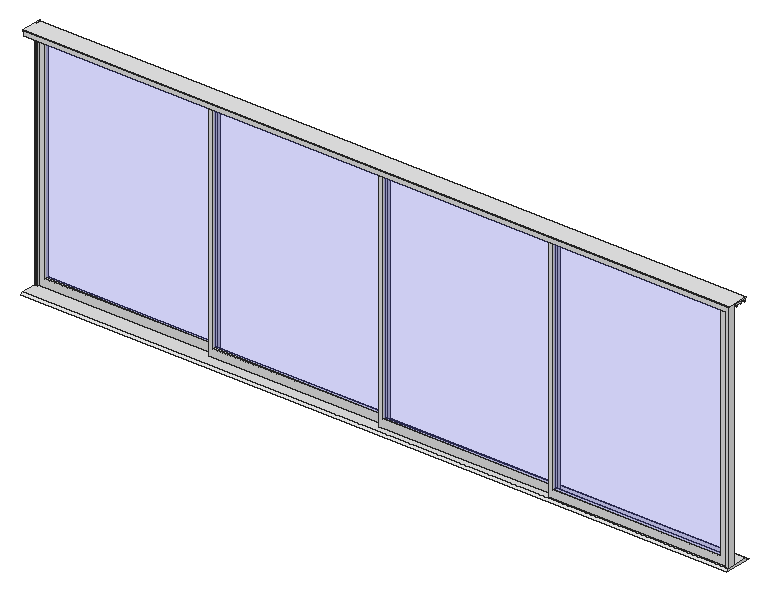
Revit family "Door-Sliding-Kawneer-1010_Mall_Front-XXXX", category Doors, host Wall, Revit 2015
Parameters
  Wall Thickness [instance] = 1' - 5"
  URL = "http://www.kawneer.com/kawneer/en/home.asp"
  Type Comments = "1\" Glazing"
  Threshold Material = Aluminum - Kawneer - Clear
  Threshold Height = 0' - 0 19/32"  # constant formula
  Thickness = 0' - 1 1/2"  # constant formula
  Shim Space = 0' - 0 1/4"
  Product data url = "https://bimobject.com/kawneerna/product/20681"
  Product Page URL = "http://www.kawneer.com/kawneer/north_america/en/bim.asp?prod_id=1846"
  Product Documentation Link = "http://www.kawneer.com/kawneer/north_america/en/product_related_doc.asp?prod_id=1846&doc_id=114"
  Percent Open [instance] = 0
  Panel Width = if(1 = 1, (Width - 0' 2") / 4 + (0' 1 3/4" * 0.75), 1' 0")  # 6' - 0 13/16"
  Panel Open Percent [instance] = if(Percent Open < 101, ((Panel Width - (0' 1 3/4")) * ((100 - Percent Open) / 100)), 0' 0")  # 5' - 11 1/16"
  Panel Glazing Material [instance] = Glass - Kawneer - Clear
  Panel Finish [instance] = Aluminum - Kawneer - Clear
  Panel Closing Width = if(1 = 1, (Width - 0' 2") / 4 + (0' 1 3/4" * 0.75) + 0' 0 7/16", 1' 0")  # 6' - 1 1/4"
  Opens Right [instance] = no
  Model = "1010 Sliding Mall Front"
  Manufacturer = "Kawneer"  # constant formula
  Intermediate Rail Height = 2' - 6"
  Height = 8' - 0"
  Has Intermediate Rail [instance] = no
  Glazing Thickness = 0' - 1"
  Function = (empty or 0)
  Frame Jamb Width = 0' - 1"  # constant formula
  Frame Inset [instance] = 0' - 0"
  Frame Head Width = 0' - 1 3/8"  # constant formula
  Frame Finish [instance] = Aluminum - Kawneer - Clear
  Wall Closure = (empty or 0)
  Width = 24' - 0"
  Frame Depth = 0' - 8 5/8"  # constant formula
  Existing [instance] = no
  Description = "Sliding XXXX"
  Copyright © = "2013 Kawneer"  # constant formula
  CTRL Wall Thickness [instance] = if(1 = 1, Wall Thickness, 1' 0")  # 1' - 5"
  CTRL Panels Offset Right [instance] = if(Opens Right, 0' 0", Width - Panel Width - (Panel Open Percent * 3) - 0' 1 3/4" - 0' 0 1/4")  # 0' - 0"
  CTRL Panel Height = Height - 0' 0 3/4" - Threshold Height  # 7' - 10 21/32"
  CTRL Offset [instance] = if(Frame Inset < 0' 0", Frame Inset - Frame Inset - Frame Inset, 0' 0")  # 0' - 0"
  CTRL Inset [instance] = if(Frame Inset < 0' 0", 0' 0", Frame Inset)  # 0' - 0"
  CTRL Frame Sides Depth [instance] = 0' - 2 7/16"  # constant formula
  Assembly Code = "C1020110"
  Appear In Schedule = 0 = 0  # yes
Types (3): name | Type Comments | Glazing Thickness
  (no name) | "1\" Glazing" | 0' - 1"
  24'x8' - 1/4" Glazing | "1/4\" Glazing" | 0' - 0 1/4"
  24'x8' - 1" Glazing | "1\" Glazing" | 0' - 1"
Reference planes (in)
  plane 1 "Center (Front/Back)": y = 0
  plane 2 "Bottom": z = 0
  plane 3 "Center (Left/Right)": x = 0
  plane 4 "Top": z = 96
  plane 5 "Strike": x = -144
  plane 6 "Hinge": x = 144
  plane 7 "Wall Edge Exterior": y = 8.5
  plane 8 "Wall Edge Interior": y = -8.5
  plane 9 "Frame Inset": y = -4.3125
  plane 10 "Frame Offset": y = 0
  plane 11 "Operating Panel": x = -70.1875
  plane 12 "Interlock Panel 1 L/R": x = 0.875
  plane 13 "Interlock Panel 2 L/R": x = 71.9375
  plane 14 "Fixed Panel Right": x = 143.4375
  plane 15 "Fixed Panel Center": y = -3.09375
  plane 16 "Opening Right": x = 144.25
  plane 17 "Opening Left": x = -144.25
  plane 18 "Frame Right": x = 143
  plane 19 "Frame Left": x = -143
  plane 20 "Frame Head": z = 94.625
  plane 21 "Frame Exterior": y = 4.3125
  plane 22 "Exterior Frame Depth": y = 1.875
  plane 23 "Interior Frame Depth": y = -1.875
  plane 24 "Panel Active 2": y = -1.03125
  plane 25 "Panel Active 3": y = 1.03125
  plane 26 "Lock Jamb Panel Center": y = 3.09375
  plane 27 "Threshold Height": z = 0.59375
  plane 28 "Threshold Exterior": y = 5.5625
  plane 29 "Threshold Interior": y = -5.5625
  plane 30 "Frame Center F/B": y = 0
  plane 31 "Panel Right Offset": x = 143
  plane 32 "Right Panel R": x = 143.4375
  plane 33 "Opening Top": z = 96.25
Forms (in)
  Sweep 1, solid, material "Aluminum - Kawneer - Clear" <- "Frame Finish"
    path origin (0, 0, 0) x (1, 0, 0) y (0, 0, 1)
      loop
        line (0, 0.59375) -> (0, 96)
    profile origin (0, 0, 48.29687) x (-1, 0, 0) y (0, -1, 0)
      loop
        line (143, -4.3125) -> (144, -4.3125) -> (144, -1.875) -> (143, -1.875) -> (143, -2.25) -> (143.4375, -2.25) -> (143.4375, -3.9375) -> (143, -3.9375) -> (143, -4.3125)
      loop
        line (-143, 1.875) -> (-143, 2.25) -> (-143.4375, 2.25) -> (-143.4375, 3.9375) -> (-143, 3.9375) -> (-143, 4.3125) -> (-144, 4.3125) -> (-144, 1.875) -> (-143, 1.875)
  Sweep 2, solid, material "Aluminum - Kawneer - Clear" <- "Threshold Material"
    path origin (0, 0, 0) x (1, 0, 0) y (0, 0, 1)
      loop
        line (-144.25, 0.59375) -> (144.25, 0.59375)
    profile origin (0, 0, 0.59375) x (0, 0, 1) y (0, -1, 0)
      loop
        line (-0.59375, 5.5625) -> (-0.59375, -5.5625) -> (0, -4.3125) -> (0, 4.3125) -> (-0.59375, 5.5625)
  Sweep 3, solid, material "Aluminum - Kawneer - Clear" <- "Frame Finish"
    path origin (0, 0, 0) x (1, 0, 0) y (0, 0, 1)
      loop
        line (-144, 94.625) -> (144, 94.625)
    profile origin (0, 0, 94.625) x (0, 0, 1) y (0, -1, 0)
      loop
        line (-0.34375, 4.3125) -> (-0.34375, 3.9375) -> (0.625, 3.9375) -> (0.625, 2.25) -> (0, 2.25) -> (0, 1.875) -> (0.625, 1.875) -> (0.625, 0.1862) -> (0, 0.1862) -> (0, -0.1888) -> (0.625, -0.1888) -> (0.625, -1.875) -> (0, -1.875) -> (0, -2.25) -> (0.625, -2.25) -> (0.625, -3.9375) -> (0, -3.9375) -> (0, -4.3125) -> (1.375, -4.3125) -> (1.375, 4.3125) -> (-0.34375, 4.3125)
  Sweep 4, solid, material "Silicone - Kawneer - Gray"
    path origin (0, 0, 0) x (-1, 0, 0) y (0, 0, 1)
      loop
        line (144.25, 96) -> (-144.25, 96)
    profile "Shim-Kawneer-Profile-2D : Top" origin (0, 0, 96) x (0, 0, -1) y (0, 1, 0)
      loop
        line (-0.25, -4.25) -> (0, -4.125) -> (0, 4.125) -> (-0.25, 4.25) -> (-0.25, -4.25)
  Sweep 5, solid, material "Silicone - Kawneer - Gray"
    path origin (0, -3.09375, 0) x (-1, 0, 0) y (0, 0, 1)
      loop
        line (-144, 0) -> (-144, 96.25)
    profile "Shim-Kawneer-Profile-2D : Sides" origin (144, -3.09375, 48.125) x (1, 0, 0) y (0, 1, 0)
      loop
        line (0.25, 1.34375) -> (0, 1.21875) -> (0, -1.21875) -> (0.25, -1.34375) -> (0.25, 1.34375)
  Sweep 6, solid, material "Silicone - Kawneer - Gray"
    path origin (0, 3.09375, 0) x (-1, 0, 0) y (0, 0, 1)
      loop
        line (144, 0) -> (144, 96.25)
    profile "Shim-Kawneer-Profile-2D : Sides" origin (-144, 3.09375, 48.125) x (1, 0, 0) y (0, 1, 0)
      loop
        line (-0.25, 1.34375) -> (-0.25, -1.34375) -> (0, -1.21875) -> (0, 1.21875) -> (-0.25, 1.34375)
Cuts and joins
  joined: Sweep 1, Sweep 3
  joined: Sweep 4, Sweep 5, Sweep 6
Lines and regions (in)
  Opening 1
    outline origin (-60, -8.5, 0) x (1, 0, 0) y (0, 0, 1)
      loop
        line (-84.25, 96.25) -> (-84.25, 0) -> (204.25, 0) -> (204.25, 96.25) -> (-84.25, 96.25)
  Masking region 1, detail levels medium+fine
    outline origin (0, 0, 0.59375) x (-1, 0, 0) y (0, -1, 0)
      loop
        line (-143, 1.875) -> (-143, 2.25) -> (-143.4375, 2.25) -> (-143.4375, 3.9375) -> (-143, 3.9375) -> (-143, 4.3125) -> (-144, 4.3125) -> (-144, 1.875) -> (-143, 1.875)
      loop
        line (143, -4.3125) -> (144, -4.3125) -> (144, -1.875) -> (143, -1.875) -> (143, -2.25) -> (143.4375, -2.25) -> (143.4375, -3.9375) -> (143, -3.9375) -> (143, -4.3125)
  Masking region 2, detail levels coarse
    outline origin (-0.8125, -0.08398, 0.59375) x (-1, 0, 0) y (0, -1, 0)
      loop
        line (-143.8125, 1.79102) -> (-143.8125, 4.22852) -> (-144.8125, 4.22852) -> (-144.8125, 1.79102) -> (-143.8125, 1.79102)
      loop
        line (142.1875, -4.39648) -> (143.1875, -4.39648) -> (143.1875, -1.95898) -> (142.1875, -1.95898) -> (142.1875, -4.39648)
  Masking region 3
    outline origin (-1.5625, -0.42265, 0.59375) x (-1, 0, 0) y (0, -1, 0)
      loop
        line (-145.5625, 1.45235) -> (-145.5625, 3.88985) -> (-145.8125, 3.88985) -> (-145.8125, 1.45235) -> (-145.5625, 1.45235)
      loop
        line (142.4375, -4.73515) -> (142.6875, -4.73515) -> (142.6875, -2.29765) -> (142.4375, -2.29765) -> (142.4375, -4.73515)
Text (in)
  text "EXTERIOR" at (-58.6888, 50.90694, 0), in view "Ref. Level"
  text "INTERIOR" at (-58.6888, -37.76638, 0), in view "Ref. Level"
  text "Exterior" at (0, 43.65631, 123.19604), in view "Left"
  text "Exterior" at (0, 18.29385, 125.04747), in view "Right"
Dimensions and locks (in)
  "Width": plane 5 "Strike" to plane 6 "Hinge"
  locked: plane 7 "Wall Edge Exterior" to host wall at 0
  "Wall Thickness": host wall to host wall
  "CTRL Wall Thickness": plane 7 "Wall Edge Exterior" to plane 8 "Wall Edge Interior"
  equal spacing: host wall, plane 1 "Center (Front/Back)", host wall
  equal spacing: plane 5 "Strike", plane 3 "Center (Left/Right)", plane 6 "Hinge"
  "Height": plane 4 "Top" to plane 2 "Bottom"
  "CTRL Offset": plane 10 "Frame Offset" to plane 1 "Center (Front/Back)"
  "Shim Space": plane 6 "Hinge" to plane 16 "Opening Right"
  "Shim Space": plane 17 "Opening Left" to plane 5 "Strike"
  "Frame Jamb Width": plane 5 "Strike" to plane 19 "Frame Left"
  "Frame Jamb Width": plane 18 "Frame Right" to plane 6 "Hinge"
  "Frame Head Width": plane 4 "Top" to plane 20 "Frame Head"
  "Frame Depth": plane 21 "Frame Exterior" to plane 9 "Frame Inset"
  "CTRL Frame Sides Depth": plane 21 "Frame Exterior" to plane 22 "Exterior Frame Depth"
  "CTRL Frame Sides Depth": plane 23 "Interior Frame Depth" to plane 9 "Frame Inset"
  locked: plane 21 "Frame Exterior" to Sweep 1 sketch curve at 0.375
  locked: Sweep 1 sketch curve to plane 22 "Exterior Frame Depth" at 0.375
  locked: Sweep 1 sketch curve to plane 19 "Frame Left" at 0.4375
  locked: plane 23 "Interior Frame Depth" to Sweep 1 sketch curve at 0.375
  locked: plane 9 "Frame Inset" to Sweep 1 sketch curve at 0.375
  equal spacing: plane 23 "Interior Frame Depth", plane 15 "Fixed Panel Center", plane 9 "Frame Inset"
  locked: plane 24 "Panel Active 2" to plane 15 "Fixed Panel Center" at 2.0625
  locked: plane 25 "Panel Active 3" to plane 24 "Panel Active 2" at 2.0625
  equal spacing: plane 21 "Frame Exterior", plane 26 "Lock Jamb Panel Center", plane 22 "Exterior Frame Depth"
  "Threshold Height": plane 27 "Threshold Height" to plane 2 "Bottom"
  locked: plane 9 "Frame Inset" to plane 29 "Threshold Interior" at 1.25
  locked: plane 28 "Threshold Exterior" to plane 21 "Frame Exterior" at 1.25
  locked: Sweep 3 sketch curve to plane 4 "Top" at 1.71875
  locked: Sweep 3 sketch curve to plane 20 "Frame Head" at 0.625
  locked: plane 14 "Fixed Panel Right" to plane 6 "Hinge" at 0.5625
  "CTRL Inset": plane 10 "Frame Offset" to plane 30 "Frame Center F/B"
  "Panel Open Percent": plane 13 "Interlock Panel 2 L/R" to plane 31 "Panel Right Offset"
  "Panel Open Percent": plane 12 "Interlock Panel 1 L/R" to plane 13 "Interlock Panel 2 L/R"
  "Panel Open Percent": plane 11 "Operating Panel" to plane 12 "Interlock Panel 1 L/R"
  equal spacing: plane 21 "Frame Exterior", plane 30 "Frame Center F/B", plane 9 "Frame Inset"
  "CTRL Panels Offset Right": plane 31 "Panel Right Offset" to plane 18 "Frame Right"
  nested 4 to plane 19 "Frame Left" = 0' - 0 7/16"
  locked: plane 31 "Panel Right Offset" to plane 32 "Right Panel R" at 0.4375
  "Shim Space": plane 33 "Opening Top" to plane 4 "Top"
  aligned and locked: level to plane 2 "Bottom"
  aligned and locked: Opening 1 sketch curve to plane 17 "Opening Left"
  aligned and locked: Opening 1 sketch curve to plane 16 "Opening Right"
  aligned and locked: Opening 1 sketch curve to plane 2 "Bottom"
  aligned and locked: plane 3 "Center (Left/Right)" to Sweep 1 sketch curve
  aligned and locked: Sweep 1 sketch curve to plane 22 "Exterior Frame Depth"
  aligned and locked: plane 5 "Strike" to Sweep 1 sketch curve
  aligned and locked: plane 21 "Frame Exterior" to Sweep 1 sketch curve
  aligned and locked: Sweep 1 sketch curve to plane 19 "Frame Left"
  aligned and locked: Sweep 1 sketch curve to plane 6 "Hinge"
  aligned and locked: Sweep 1 sketch curve to plane 9 "Frame Inset"
  aligned and locked: plane 18 "Frame Right" to Sweep 1 sketch curve  (x2)
  aligned and locked: plane 23 "Interior Frame Depth" to Sweep 1 sketch curve
  aligned and locked: nested 1 to plane 15 "Fixed Panel Center"
  aligned and locked: nested 2 to plane 24 "Panel Active 2"
  aligned and locked: nested 3 to plane 25 "Panel Active 3"
  aligned and locked: nested 4 to plane 26 "Lock Jamb Panel Center"
  aligned and locked: plane 27 "Threshold Height" to Sweep 1 sketch curve
  aligned and locked: Sweep 2 sketch curve to plane 27 "Threshold Height"  (x2)
  aligned and locked: plane 2 "Bottom" to Sweep 2 sketch curve
  aligned and locked: plane 28 "Threshold Exterior" to Sweep 2 sketch curve
  aligned and locked: plane 21 "Frame Exterior" to Sweep 2 sketch curve
  aligned and locked: plane 29 "Threshold Interior" to Sweep 2 sketch curve
  aligned and locked: plane 9 "Frame Inset" to Sweep 2 sketch curve
  aligned and locked: plane 6 "Hinge" to Sweep 3 sketch curve
  aligned and locked: plane 5 "Strike" to Sweep 3 sketch curve
  aligned and locked: Sweep 3 sketch curve to plane 20 "Frame Head"
  aligned and locked: plane 4 "Top" to Sweep 3 sketch curve
  aligned and locked: plane 9 "Frame Inset" to Sweep 3 sketch curve
  aligned and locked: Sweep 3 sketch curve to plane 21 "Frame Exterior"
  aligned and locked: plane 20 "Frame Head" to Sweep 3 sketch curve  (x4)
  aligned and locked: Sweep 3 sketch curve to Sweep 1  (x4)
  aligned and locked: Sweep 3 sketch curve to plane 23 "Interior Frame Depth"
  aligned and locked: plane 22 "Exterior Frame Depth" to Sweep 3 sketch curve
  aligned and locked: Sweep 3 sketch curve to Sweep 3 sketch curve  (x3)
  aligned and locked: plane 4 "Top" to Sweep 1 sketch curve
  aligned and locked: Sweep 1 sketch curve to plane 14 "Fixed Panel Right"
  aligned and locked: nested 4 to plane 11 "Operating Panel"
  aligned and locked: nested 3 to plane 12 "Interlock Panel 1 L/R"
  aligned and locked: nested 2 to plane 13 "Interlock Panel 2 L/R"
  aligned and locked: plane 21 "Frame Exterior" to Masking region 1 sketch curve
  aligned and locked: plane 5 "Strike" to Masking region 1 sketch curve
  aligned and locked: Masking region 1 sketch curve to plane 22 "Exterior Frame Depth"
  aligned and locked: Masking region 1 sketch curve to plane 19 "Frame Left"  (x2)
  aligned and locked: cut or joined group of Sweep 1, Sweep 3 to Masking region 1 sketch curve
  aligned and locked: Masking region 1 sketch curve to cut or joined group of Sweep 1, Sweep 3  (x4)
  aligned and locked: Masking region 1 sketch curve to plane 14 "Fixed Panel Right"
  aligned and locked: Masking region 1 sketch curve to plane 9 "Frame Inset"
  aligned and locked: plane 23 "Interior Frame Depth" to Masking region 1 sketch curve
  aligned and locked: plane 18 "Frame Right" to Masking region 1 sketch curve  (x2)
  aligned and locked: Masking region 2 sketch curve to plane 19 "Frame Left"
  aligned and locked: plane 21 "Frame Exterior" to Masking region 2 sketch curve
  aligned and locked: Masking region 2 sketch curve to plane 22 "Exterior Frame Depth"
  aligned and locked: plane 5 "Strike" to Masking region 2 sketch curve
  aligned and locked: Masking region 2 sketch curve to plane 6 "Hinge"
  aligned and locked: Masking region 2 sketch curve to plane 9 "Frame Inset"
  aligned and locked: plane 23 "Interior Frame Depth" to Masking region 2 sketch curve
  aligned and locked: plane 18 "Frame Right" to Masking region 2 sketch curve
  aligned and locked: nested 1 to plane 32 "Right Panel R"
  aligned and locked: Opening 1 sketch curve to plane 33 "Opening Top"
  aligned and locked: plane 17 "Opening Left" to Sweep 4 sketch curve
  aligned and locked: plane 16 "Opening Right" to Sweep 4 sketch curve
  aligned and locked: Sweep 4 sketch curve to plane 4 "Top"
  aligned and locked: Sweep 5 sketch curve to plane 2 "Bottom"
  aligned and locked: Sweep 5 sketch curve to plane 33 "Opening Top"
  aligned and locked: plane 6 "Hinge" to Sweep 5 sketch curve
  aligned and locked: plane 33 "Opening Top" to Sweep 6 sketch curve
  aligned and locked: plane 2 "Bottom" to Sweep 6 sketch curve
  aligned and locked: Sweep 6 sketch curve to plane 5 "Strike"
  aligned and locked: plane 17 "Opening Left" to Sweep 2 sketch curve
  aligned and locked: plane 16 "Opening Right" to Sweep 2 sketch curve
  aligned and locked: plane 21 "Frame Exterior" to Masking region 3 sketch curve
  aligned and locked: Masking region 3 sketch curve to plane 22 "Exterior Frame Depth"
  aligned and locked: Masking region 3 sketch curve to plane 5 "Strike"
  aligned and locked: plane 17 "Opening Left" to Masking region 3 sketch curve
  aligned and locked: Masking region 3 sketch curve to plane 16 "Opening Right"
  aligned and locked: plane 23 "Interior Frame Depth" to Masking region 3 sketch curve
  aligned and locked: Masking region 3 sketch curve to plane 9 "Frame Inset"
  aligned and locked: plane 6 "Hinge" to Masking region 3 sketch curve
  aligned and locked: Masking region 1 sketch curve to plane 6 "Hinge"
Automatic sketch dimensions
  Sweep 1 sketch curve to Sweep 1 sketch curve = 0' - 0 7/16"
  Sweep 3 sketch curve to Sweep 3 sketch curve = 0' - 1.6862"
  Sweep 3 sketch curve to Sweep 3 sketch curve = 0' - 0 3/8"
Nested families (in)
  nested 1: "Panel-Sliding-Kawneer-1010" at (106.8125, -3.09375, 0.59375), built-in parameter 1001364 <- "Threshold Height", Height <- "CTRL Panel Height", Width <- "Panel Closing Width", Has Intermediate Rail <- "Has Intermediate Rail", Panel Material <- "Panel Finish", Glazing Material <- "Panel Glazing Material", Thickness <- "Thickness", Rail Intermediate Height <- "Intermediate Rail Height", Glazing Thickness <- "Glazing Thickness", type "L-B Interlock - Lock Jamb"
    with Width 6' - 1 1/4", Thickness 0' - 1 1/2", Rail Intermediate Height 2' - 6", Panel Material Aluminum - Kawneer - Clear, Opens Right no, Opens Left yes, Height 7' - 10 21/32", Has Intermediate Rail no, Glazing Thickness 0' - 1", Glazing Material Glass - Kawneer - Clear, CTRL Rail Intermediate Height 2' - 6", CTRL Rail Intermediate 0' - 0", CTRL Open Arrow yes, Stile Right 0' - 2 29/32", Rail Head 0' - 1 1/8", Rail Bottom 0' - 3 1/4", Has Interlock Back Left yes
  nested 2: "Panel-Sliding-Kawneer-1010" at (35.53125, -1.03125, 0.59375), built-in parameter 1001364 <- "Threshold Height", Height <- "CTRL Panel Height", Width <- "Panel Width", Has Intermediate Rail <- "Has Intermediate Rail", Panel Material <- "Panel Finish", Glazing Material <- "Panel Glazing Material", Thickness <- "Thickness", Rail Intermediate Height <- "Intermediate Rail Height", Glazing Thickness <- "Glazing Thickness", type "L-B Interlock - R-F Interlock"
    with Width 6' - 0 13/16", Thickness 0' - 1 1/2", Rail Intermediate Height 2' - 6", Panel Material Aluminum - Kawneer - Clear, Opens Right yes, Opens Left yes, Height 7' - 10 21/32", Has Intermediate Rail no, Glazing Thickness 0' - 1", Glazing Material Glass - Kawneer - Clear, CTRL Rail Intermediate Height 2' - 6", CTRL Rail Intermediate 0' - 0", CTRL Open Arrow yes, Rail Head 0' - 1 1/8", Rail Bottom 0' - 3 1/4", Has Interlock Front Right yes, Has Interlock Back Left yes
  nested 3: "Panel-Sliding-Kawneer-1010" at (-35.53125, 1.03125, 0.59375), built-in parameter 1001364 <- "Threshold Height", Height <- "CTRL Panel Height", Width <- "Panel Width", Has Intermediate Rail <- "Has Intermediate Rail", Panel Material <- "Panel Finish", Glazing Material <- "Panel Glazing Material", Thickness <- "Thickness", Rail Intermediate Height <- "Intermediate Rail Height", Glazing Thickness <- "Glazing Thickness", type "L-B Interlock - R-F Interlock"
    with Width 6' - 0 13/16", Thickness 0' - 1 1/2", Rail Intermediate Height 2' - 6", Panel Material Aluminum - Kawneer - Clear, Opens Right yes, Opens Left yes, Height 7' - 10 21/32", Has Intermediate Rail no, Glazing Thickness 0' - 1", Glazing Material Glass - Kawneer - Clear, CTRL Rail Intermediate Height 2' - 6", CTRL Rail Intermediate 0' - 0", CTRL Open Arrow yes, Rail Head 0' - 1 1/8", Rail Bottom 0' - 3 1/4", Has Interlock Front Right yes, Has Interlock Back Left yes
  nested 4: "Panel-Sliding-Kawneer-1010" at (-106.8125, 3.09375, 0.59375), built-in parameter 1001364 <- "Threshold Height", Height <- "CTRL Panel Height", Width <- "Panel Closing Width", Has Intermediate Rail <- "Has Intermediate Rail", Panel Material <- "Panel Finish", Glazing Material <- "Panel Glazing Material", Thickness <- "Thickness", Rail Intermediate Height <- "Intermediate Rail Height", Glazing Thickness <- "Glazing Thickness", type "Lock Jamb - R-F Interlock"
    with Width 6' - 1 1/4", Thickness 0' - 1 1/2", Rail Intermediate Height 2' - 6", Panel Material Aluminum - Kawneer - Clear, Opens Right yes, Opens Left no, Height 7' - 10 21/32", Has Intermediate Rail no, Glazing Thickness 0' - 1", Glazing Material Glass - Kawneer - Clear, CTRL Rail Intermediate Height 2' - 6", CTRL Rail Intermediate 0' - 0", CTRL Open Arrow yes, Stile Left 0' - 2 29/32", Rail Head 0' - 1 1/8", Rail Bottom 0' - 3 1/4", Has Interlock Front Right yes
Definition of nested family "Panel-Sliding-Kawneer-1010"
  Parameters
    Width [instance] = 3' - 0"
    Thickness [instance] = 0' - 1 1/2"
    Stile Right = 0' - 1 3/4"
    Stile Left = 0' - 1 3/4"
    Rail Intermediate Height [instance] = 2' - 6"
    Rail Intermediate = 0' - 1 3/4"
    Rail Head = 0' - 3"
    Rail Bottom = 0' - 7"
    Panel Material [instance] = none
    Opens Right [instance] = no
    Opens Left [instance] = no
    Manufacturer = "Kawneer"  # constant formula
    Height [instance] = 7' - 0"
    Has Intermediate Rail [instance] = no
    Has Interlock Front Right = no
    Has Interlock Front Left = no
    Has Interlock Back Right = no
    Has Interlock Back Left = no
    Glazing Thickness [instance] = 0' - 0 1/4"
    Glazing Material [instance] = none
    Description = "Storefront Mall Sliding 1010 Panel"  # constant formula
    CTRL Rail Intermediate Height [instance] = if(Height < Rail Intermediate Height, Height / 2, Rail Intermediate Height)  # 2' - 6"
    CTRL Rail Intermediate [instance] = if(Has Intermediate Rail, Rail Intermediate, 0' 0")  # 0' - 0"
    CTRL Open Arrow [instance] = or(Opens Right, Opens Left)  # no
  Reference planes (in)
    plane 1 "Center (Front/Back)": y = 0
    plane 2 "Original Bottom": z = 0
    plane 3 "Center (Left/Right)": x = 0
    plane 4 "Back": y = 0.75
    plane 5 "Front": y = -0.75
    plane 6 "Left": x = -18
    plane 7 "Right": x = 18
    plane 8: z = 84
    plane 9 "Left Stile R": x = -16.25
    plane 10 "Right Stile L": x = 16.25
    plane 11 "Head Rail B": z = 81
    plane 12 "Bottom Rail T": z = 7
    plane 13 "Glazing Back": y = 0.125
    plane 14 "Glazing Front": y = -0.125
    plane 15 "Interlock Front": y = -1.25
    plane 16 "Interlock Back": y = 1.25
    plane 17 "Right Interlock Center": x = 17.125
    plane 18 "Left Interlock Center": x = -17.125
    plane 19 "Intermediate Top": z = 31.75
    plane 20 "Intermediate Glass Top": z = 31.75
    plane 21 "Intermediate Bottom": z = 30
    plane 22 "Center Elevation": z = 42
  Forms (in)
    Sweep 1, solid, material <- "Panel Material"
      path origin (0, 0, 0) x (1, 0, 0) y (0, 1, 0)
        loop
          line (0, -0.75) -> (0, 0.75)
      profile origin (0, 0, 0) x (-1, 0, 0) y (0, 0, 1)
        loop
          line (18, 84) -> (-18, 84) -> (-18, 0) -> (18, 0) -> (18, 84)
        loop
          line (16.25, 81) -> (-16.25, 81) -> (-16.25, 7) -> (16.25, 7) -> (16.25, 81)
    Extrusion 2, solid, material <- "Glazing Material"
      sketch origin (0, 0, 0) x (1, 0, 0) y (0, 0, 1)
        loop
          line (-16.25, 81) -> (-16.25, 31.75) -> (16.25, 31.75) -> (16.25, 81) -> (-16.25, 81)
      from -0.125 to 0.125
    Sweep 3, solid, material <- "Panel Material", visible <- "Has Interlock Back Right", detail levels medium+fine
      path origin (0, 0.75, 0) x (-1, 0, 0) y (0, 0, 1)
        loop
          line (-17.125, 0) -> (-17.125, 84)
      profile origin (17.125, 0.75, 42) x (1, 0, 0) y (0, 1, 0)
        loop
          line (0, 0.5) -> (0, 0) -> (0.875, 0) -> (0.875, 0.5) -> (0, 0.5)
    Sweep 4, solid, material <- "Panel Material", visible <- "Has Interlock Back Left", detail levels medium+fine
      path origin (0, 0.75, 0) x (1, 0, 0) y (0, 0, 1)
        loop
          line (-17.125, 0) -> (-17.125, 84)
      profile origin (-17.125, 0.75, 42) x (1, 0, 0) y (0, 1, 0)
        loop
          line (0, 0.5) -> (-0.875, 0.5) -> (-0.875, 0) -> (0, 0) -> (0, 0.5)
    Sweep 5, solid, material <- "Panel Material", visible <- "Has Interlock Front Left", detail levels medium+fine
      path origin (0, -0.75, 0) x (-1, 0, 0) y (0, 0, 1)
        loop
          line (17.125, 0) -> (17.125, 84)
      profile origin (-17.125, -0.75, 42) x (1, 0, 0) y (0, 1, 0)
        loop
          line (-0.875, 0) -> (-0.875, -0.5) -> (0, -0.5) -> (0, 0) -> (-0.875, 0)
    Sweep 6, solid, material <- "Panel Material", visible <- "Has Interlock Front Right", detail levels medium+fine
      path origin (0, -0.75, 0) x (1, 0, 0) y (0, 0, 1)
        loop
          line (17.125, 0) -> (17.125, 84)
      profile origin (17.125, -0.75, 42) x (1, 0, 0) y (0, 1, 0)
        loop
          line (0.875, 0) -> (0, 0) -> (0, -0.5) -> (0.875, -0.5) -> (0.875, 0)
    Extrusion 7, solid, material <- "Glazing Material"
      sketch origin (-1, 0, -39) x (1, 0, 0) y (0, 0, 1)
        loop
          line (-15.25, 70.75) -> (-15.25, 46) -> (17.25, 46) -> (17.25, 70.75) -> (-15.25, 70.75)
      from -0.125 to 0.125
    Sweep 8, solid, material <- "Panel Material", visible <- "Has Intermediate Rail"
      path origin (0, 0, 0) x (1, 0, 0) y (0, 0, 1)
        loop
          line (-16.25, 31.75) -> (16.25, 31.75)
      profile origin (0, 0, 31.75) x (0, 0, 1) y (0, -1, 0)
        loop
          line (0, 0.75) -> (-1.75, 0.75) -> (-1.75, -0.75) -> (0, -0.75) -> (0, 0.75)
  Cuts and joins
    joined: Extrusion 2, Extrusion 7
  Lines and regions (in)
    Masking region 1
      outline origin (0, 0, 7) x (-1, 0, 0) y (0, -1, 0)
        loop
          line (18, -0.75) -> (18, 0.75) -> (16.25, 0.75) -> (16.25, -0.75) -> (18, -0.75)
        loop
          line (-16.25, -0.75) -> (-16.25, 0.75) -> (-18, 0.75) -> (-18, -0.75) -> (-16.25, -0.75)
    Masking region 2
      outline origin (0, 0, 7) x (-1, 0, 0) y (0, -1, 0)
        loop
          line (16.25, -0.75) -> (16.25, 0.75) -> (-16.25, 0.75) -> (-16.25, -0.75) -> (16.25, -0.75)
    Masking region 3, detail levels fine
      outline origin (0, 0, 7) x (-1, 0, 0) y (0, -1, 0)
        loop
          line (16.25, -0.125) -> (16.25, 0.125) -> (-16.25, 0.125) -> (-16.25, -0.125) -> (16.25, -0.125)
    Masking region 4, visible <- "Has Interlock Back Left", detail levels medium+fine
      outline origin (0, 0, 7) x (-1, 0, 0) y (0, -1, 0)
        loop
          line (18, -1.25) -> (18, -0.75) -> (17.125, -0.75) -> (17.125, -1.25) -> (18, -1.25)
    Masking region 5, visible <- "Has Interlock Back Right", detail levels medium+fine
      outline origin (0, 0, 7) x (0, -1, 0) y (1, 0, 0)
        loop
          line (-1.25, 18) -> (-1.25, 17.125) -> (-0.75, 17.125) -> (-0.75, 18) -> (-1.25, 18)
    Masking region 6, visible <- "Has Interlock Front Right", detail levels medium+fine
      outline origin (0, 0, 7) x (1, 0, 0) y (0, 1, 0)
        loop
          line (18, -1.25) -> (18, -0.75) -> (17.125, -0.75) -> (17.125, -1.25) -> (18, -1.25)
    Masking region 7, visible <- "Has Interlock Front Left", detail levels medium+fine
      outline origin (0, 0, 7) x (0, 1, 0) y (-1, 0, 0)
        loop
          line (-1.25, 18) -> (-1.25, 17.125) -> (-0.75, 17.125) -> (-0.75, 18) -> (-1.25, 18)
    symbolic lines, detail levels coarse+medium
      curve 1: line (-16.25, 0, 7) -> (16.25, 0, 7)
    model lines, visible <- "CTRL Open Arrow", detail levels medium+fine
      curve 2: line (-4, -0.125, 42) -> (4, -0.125, 42)
      curve 7: line (-4, 0.125, 42) -> (4, 0.125, 42)
    model lines, visible <- "Opens Right", detail levels medium+fine
      curve 3: line (2.58579, -0.125, 43.41421) -> (4, -0.125, 42)
      curve 4: line (2.58579, -0.125, 40.58579) -> (4, -0.125, 42)
      curve 8: line (2.58579, 0.125, 43.41421) -> (4, 0.125, 42)
      curve 9: line (2.58579, 0.125, 40.58579) -> (4, 0.125, 42)
    model lines, visible <- "Opens Left", detail levels medium+fine
      curve 5: line (-2.58579, -0.125, 43.41421) -> (-4, -0.125, 42)
      curve 6: line (-2.58579, -0.125, 40.58579) -> (-4, -0.125, 42)
      curve 10: line (-2.58579, 0.125, 43.41421) -> (-4, 0.125, 42)
      curve 11: line (-2.58579, 0.125, 40.58579) -> (-4, 0.125, 42)
  Dimensions and locks (in)
    "Thickness": plane 4 "Back" to plane 5 "Front"
    equal spacing: plane 4 "Back", plane 1 "Center (Front/Back)", plane 5 "Front"
    "Height": plane 8 to plane 2 "Original Bottom"
    equal spacing: plane 6 "Left", plane 3 "Center (Left/Right)", plane 7 "Right"
    "Width": plane 6 "Left" to plane 7 "Right"
    "Stile Left": plane 6 "Left" to plane 9 "Left Stile R"
    "Stile Right": plane 10 "Right Stile L" to plane 7 "Right"
    "Rail Bottom": plane 12 "Bottom Rail T" to plane 2 "Original Bottom"
    "Rail Head": plane 8 to plane 11 "Head Rail B"
    equal spacing: plane 13 "Glazing Back", plane 1 "Center (Front/Back)", plane 14 "Glazing Front"
    "Glazing Thickness": plane 13 "Glazing Back" to plane 14 "Glazing Front"
    locked: plane 5 "Front" to plane 15 "Interlock Front" at 0.5
    locked: plane 16 "Interlock Back" to plane 4 "Back" at 0.5
    equal spacing: plane 7 "Right", plane 17 "Right Interlock Center", plane 10 "Right Stile L"
    equal spacing: plane 6 "Left", plane 18 "Left Interlock Center", plane 9 "Left Stile R"
    "CTRL Rail Intermediate": plane 19 "Intermediate Top" to plane 20 "Intermediate Glass Top"
    "Rail Intermediate": plane 19 "Intermediate Top" to plane 21 "Intermediate Bottom"
    "CTRL Rail Intermediate Height": plane 21 "Intermediate Bottom" to plane 2 "Original Bottom"
    equal spacing: plane 8, plane 22 "Center Elevation", plane 2 "Original Bottom"
    equal spacing: curve 2, plane 3 "Center (Left/Right)", curve 2, locked at 4 each
    curve 3 to curve 3 = 0' - 1.41421"
    equal spacing: curve 3, plane 22 "Center Elevation", curve 4, locked at 1.41421 each
    curve 5 to plane 22 "Center Elevation" to curve 6 = 0' - 1.41421" locked, 0' - 1.41421" locked
    curve 7 to curve 7 = 0' - 8"
    equal spacing: curve 7, plane 3 "Center (Left/Right)", curve 7, locked at 4 each
    equal spacing: curve 8, plane 22 "Center Elevation", curve 9, locked at 1.41421 each
    equal spacing: curve 10, plane 22 "Center Elevation", curve 11, locked at 1.41421 each
    aligned and locked: plane 2 "Original Bottom" to level
    aligned and locked: plane 4 "Back" to Sweep 1 sketch curve
    aligned and locked: plane 5 "Front" to Sweep 1 sketch curve
    aligned and locked: plane 3 "Center (Left/Right)" to Sweep 1 sketch curve
    aligned and locked: plane 2 "Original Bottom" to Sweep 1 sketch curve
    aligned and locked: Sweep 1 sketch curve to plane 7 "Right"
    aligned and locked: Sweep 1 sketch curve to plane 8
    aligned and locked: Sweep 1 sketch curve to plane 6 "Left"
    aligned and locked: Sweep 1 sketch curve to plane 11 "Head Rail B"
    aligned and locked: Sweep 1 sketch curve to plane 9 "Left Stile R"
    aligned and locked: plane 12 "Bottom Rail T" to Sweep 1 sketch curve
    aligned and locked: plane 10 "Right Stile L" to Sweep 1 sketch curve
    aligned and locked: plane 10 "Right Stile L" to Extrusion 2 sketch curve
    aligned and locked: Extrusion 2 sketch curve to plane 9 "Left Stile R"
    aligned and locked: Extrusion 2 sketch curve to plane 11 "Head Rail B"
    aligned and locked: plane 13 "Glazing Back" to Extrusion 2
    aligned and locked: Extrusion 2 to plane 14 "Glazing Front"
    aligned and locked: plane 8 to Sweep 3 sketch curve
    aligned and locked: plane 2 "Original Bottom" to Sweep 3 sketch curve
    aligned and locked: plane 17 "Right Interlock Center" to Sweep 3 sketch curve  (x2)
    aligned and locked: Sweep 3 sketch curve to plane 7 "Right"
    aligned and locked: profile plane to Sweep 3 sketch curve
    aligned and locked: Sweep 3 sketch curve to plane 16 "Interlock Back"
    aligned and locked: plane 8 to Sweep 4 sketch curve
    aligned and locked: Sweep 4 sketch curve to plane 18 "Left Interlock Center"  (x2)
    aligned and locked: plane 2 "Original Bottom" to Sweep 4 sketch curve
    aligned and locked: plane 16 "Interlock Back" to Sweep 4 sketch curve
    aligned and locked: plane 6 "Left" to Sweep 4 sketch curve
    aligned and locked: Sweep 4 sketch curve to plane 4 "Back"
    aligned and locked: Sweep 5 sketch curve to plane 6 "Left"
    aligned and locked: plane 15 "Interlock Front" to Sweep 5 sketch curve
    aligned and locked: Sweep 5 sketch curve to plane 5 "Front"
    aligned and locked: plane 18 "Left Interlock Center" to Sweep 5 sketch curve
    aligned and locked: Sweep 5 sketch curve to plane 18 "Left Interlock Center"
    aligned and locked: plane 8 to Sweep 5 sketch curve
    aligned and locked: plane 2 "Original Bottom" to Sweep 5 sketch curve
    aligned and locked: plane 7 "Right" to Sweep 6 sketch curve
    aligned and locked: Sweep 6 sketch curve to plane 15 "Interlock Front"
    aligned and locked: plane 5 "Front" to Sweep 6 sketch curve
    aligned and locked: Sweep 6 sketch curve to plane 17 "Right Interlock Center"
    aligned and locked: plane 2 "Original Bottom" to Sweep 6 sketch curve
    aligned and locked: plane 8 to Sweep 6 sketch curve
    aligned and locked: plane 17 "Right Interlock Center" to Sweep 6 sketch curve
    aligned and locked: plane 19 "Intermediate Top" to Extrusion 2 sketch curve
    aligned and locked: Extrusion 7 sketch curve to plane 20 "Intermediate Glass Top"
    aligned and locked: plane 12 "Bottom Rail T" to Extrusion 7 sketch curve
    aligned and locked: plane 10 "Right Stile L" to Extrusion 7 sketch curve
    aligned and locked: Extrusion 7 sketch curve to plane 9 "Left Stile R"
    aligned and locked: plane 9 "Left Stile R" to Sweep 8 sketch curve
    aligned and locked: plane 10 "Right Stile L" to Sweep 8 sketch curve
    aligned and locked: Sweep 8 sketch curve to plane 19 "Intermediate Top"  (x2)
    aligned and locked: plane 21 "Intermediate Bottom" to Sweep 8 sketch curve
    aligned and locked: Sweep 8 sketch curve to plane 4 "Back"
    aligned and locked: plane 5 "Front" to Sweep 8 sketch curve
    aligned and locked: Masking region 1 sketch curve to plane 7 "Right"
    aligned and locked: Masking region 1 sketch curve to plane 10 "Right Stile L"
    aligned and locked: Masking region 1 sketch curve to plane 4 "Back"  (x2)
    aligned and locked: plane 5 "Front" to Masking region 1 sketch curve  (x2)
    aligned and locked: plane 9 "Left Stile R" to Masking region 1 sketch curve
    aligned and locked: Masking region 1 sketch curve to plane 6 "Left"
    aligned and locked: Masking region 2 sketch curve to plane 4 "Back"
    aligned and locked: plane 5 "Front" to Masking region 2 sketch curve
    aligned and locked: Masking region 2 sketch curve to plane 9 "Left Stile R"
    aligned and locked: plane 10 "Right Stile L" to Masking region 2 sketch curve
    aligned and locked: Masking region 3 sketch curve to plane 13 "Glazing Back"
    aligned and locked: Masking region 3 sketch curve to plane 9 "Left Stile R"
    aligned and locked: plane 10 "Right Stile L" to Masking region 3 sketch curve
    aligned and locked: plane 14 "Glazing Front" to Masking region 3 sketch curve
    aligned and locked: plane 9 "Left Stile R" to curve 1
    aligned and locked: plane 10 "Right Stile L" to curve 1
    aligned and locked: plane 1 "Center (Front/Back)" to curve 1
    aligned and locked: Masking region 4 sketch curve to plane 6 "Left"
    aligned and locked: plane 4 "Back" to Masking region 4 sketch curve
    aligned and locked: plane 18 "Left Interlock Center" to Masking region 4 sketch curve
    aligned and locked: Masking region 4 sketch curve to plane 16 "Interlock Back"
    aligned and locked: plane 7 "Right" to Masking region 5 sketch curve
    aligned and locked: plane 16 "Interlock Back" to Masking region 5 sketch curve
    aligned and locked: Masking region 5 sketch curve to plane 4 "Back"
    aligned and locked: Masking region 5 sketch curve to plane 17 "Right Interlock Center"
    aligned and locked: plane 15 "Interlock Front" to Masking region 6 sketch curve
    aligned and locked: plane 17 "Right Interlock Center" to Masking region 6 sketch curve
    aligned and locked: Masking region 6 sketch curve to plane 7 "Right"
    aligned and locked: Masking region 6 sketch curve to plane 5 "Front"
    aligned and locked: plane 13 "Glazing Back" to cut or joined group of Extrusion 2, Extrusion 7
    aligned and locked: cut or joined group of Extrusion 2, Extrusion 7 to plane 14 "Glazing Front"
    aligned and locked: plane 6 "Left" to Masking region 7 sketch curve
    aligned and locked: Masking region 7 sketch curve to plane 15 "Interlock Front"
    aligned and locked: Masking region 7 sketch curve to plane 18 "Left Interlock Center"
    aligned and locked: plane 5 "Front" to Masking region 7 sketch curve
    aligned and locked: plane 22 "Center Elevation" to curve 3
    aligned and locked: curve 7 to plane 22 "Center Elevation"
    aligned and locked: plane 22 "Center Elevation" to curve 9
  Automatic sketch dimensions
    plane 3 "Center (Left/Right)" to curve 2 = 0' - 4"
    curve 4 to plane 22 "Center Elevation" = 0' - 1.41421"
    curve 5 to curve 2 = 0' - 1.41421"
    curve 2 to curve 3 = 0' - 1.41421"
    plane 3 "Center (Left/Right)" to curve 7 = 0' - 4"
    plane 22 "Center Elevation" to curve 8 = 0' - 1.41421"
    curve 7 to curve 8 = 0' - 1.41421"
    curve 11 to curve 7 = 0' - 1.41421"
    curve 11 to plane 22 "Center Elevation" = 0' - 1.41421"
